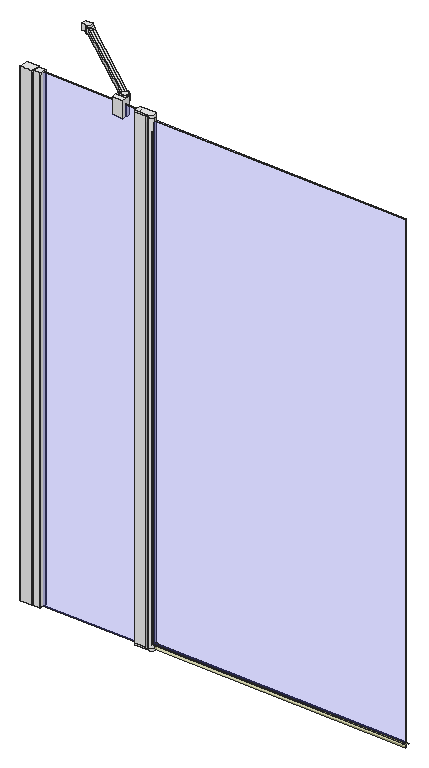
Revit family "SOEB13", category Plumbing Fixtures, Revit 2015
Parameters (values of type "1200")
  holder type = holder : B=400,D=350
  holder = holder : B=400,D=350
  door = SOL1_G : C=800
  Width fixed panel 2 = 0 mm
  Seal = Seal
  Model = "SOEB13"
  L1 = C1 + B1  # 1200 mm
  D = 350 mm
  Chrome = Chrome
  B1 = 400 mm
  C1 = 800 mm
  URL = "www.sanswiss.com"
  Type Comments = "SOLINO"
  Number of elements = 0
  Metal = Aluminum
  Manufacturer = "SanSwiss"
  H = 1500 mm
  Glass = Glass
  A1 = B1 + C1  # 1200 mm
Types (4, lengths in mm): name | holder type | holder | door | L1 | D | B1 | C1 | A1
  900 | holder : B=350,D=300 | holder : B=350,D=300 | SOL1_G : C=550 | 900 | 300 | 350 | 550 | 900
  1000 | holder : B=350,D=300 | holder : B=350,D=300 | SOL1_G : C=650 | 1000 | 300 | 350 | 650 | 1000
  1200 | holder : B=400,D=350 | holder : B=400,D=350 | SOL1_G : C=800 | 1200 | 350 | 400 | 800 | 1200
  1100 | holder : B=400,D=350 | holder : B=400,D=350 | SOL1_G : C=700 | 1100 | 350 | 400 | 700 | 1100
Reference planes
  plane 1 "Center (Front/Back)": y = 0
  plane 2: z = 0
  plane 3 "Center (Left/Right)": x = 0
  plane 4 "right": x = 800
  plane 5: z = 1500
  plane 6: x = 777.204
  plane 7: x = 759.1
  plane 8 "ucięcie": z = 11.8
  plane 9 "glass middle": x = 3
  plane 10 "left": x = -400
  plane 11: x = -95
  plane 12: y = 44.447
Forms (mm)
  Extrusion 1, void, not visible
    sketch origin (0, 0, 0) x (1, 0, 0) y (0, 0, 1)
      loop
        line (47.1, 1799.5) -> (47.1, 1777.5) -> (65.984, 1777.5) -> (65.984, 1799.5) -> (47.1, 1799.5)
    from -49.545 to 25.251
  Extrusion 2, solid, material "Aluminum" <- "Metal", not visible
    sketch origin (0, 0, 1822.5) x (0, -1, 0) y (1, 0, 0)
      loop
        line (-1, 45.1) -> (-1, 57.085)
        arc (-1, 57.085) -> (-10, 66.085) -> (-19, 57.085) r 9
        line (-19, 57.085) -> (-19, 45.1) -> (-1, 45.1)
    from -45 to -23
  Extrusion 3, solid, material "Aluminum" <- "Metal", not visible
    sketch origin (0, 0, 1822.5) x (0, -1, 0) y (1, 0, 0)
      loop
        line (-1, 47.1) -> (-10, 47.1)
        arc (-10, 47.1) -> (-14.544, 48.192) -> (-18.095, 51.229) r 10
        arc (-18.095, 51.229) -> (-18.654, 51.411) -> (-19, 50.936) r 0.5
        line (-19, 50.936) -> (-19, 45.1) -> (-1, 45.1) -> (-1, 47.1)
    from -23 to 0
  Revolve 4, solid, material "Aluminum" <- "Metal", not visible
    sketch origin (0, 0, 1800) x (0, -1, 0) y (1, 0, 0)
      loop
        line (-21, 88.1) -> (-27.814, 88.1) -> (-27.814, 75.277) -> (-23.528, 79.564) -> (-21, 79.564) -> (-21, 88.1)
      axis (-21, 88.1) -> (-27.814, 88.1)
    angle from 0 to 360
  Revolve 5, solid, material "Aluminum" <- "Metal", not visible
    sketch origin (30, 0, 1800) x (0, -1, 0) y (1, 0, 0)
      loop
        line (-21, 88.1) -> (-27.814, 88.1) -> (-27.814, 75.277) -> (-23.528, 79.564) -> (-21, 79.564) -> (-21, 88.1)
      axis (-21, 88.1) -> (-27.814, 88.1)
    angle from 0 to 360
  Extrusion 6, solid, material "Glass" <- "Glass"
    sketch origin (0, 0, 1005) x (-1, 0, 0) y (0, -1, 0)
      loop
        line (30, -27.197) -> (337.401, -27.197) -> (337.401, -21.197) -> (30, -21.197) -> (30, -27.197)
    from -1005 to 495
  Sweep 7, solid, material "Aluminum" <- "Metal"
    path origin (0, 0, 0) x (1, 0, 0) y (0, 0, 1)
      loop
        line (-400, 1500) -> (-400, 0)
    profile origin (-400, 0, 750) x (0, -1, 0) y (1, 0, 0)
      loop
        arc (-38.054, 1.758) -> (-37.539, 0.515) -> (-36.296, 0) r 1.758
        line (-36.296, 0) -> (-12.784, 0)
        arc (-12.784, 0) -> (-11.702, 0.448) -> (-11.254, 1.53) r 1.53
        line (-11.254, 1.53) -> (-11.254, 38.205)
        arc (-11.254, 38.205) -> (-11.662, 39.192) -> (-12.648, 39.6) r 1.395
        line (-12.648, 39.6) -> (-36.71, 39.6)
        arc (-36.71, 39.6) -> (-37.66, 39.207) -> (-38.054, 38.257) r 1.343
        line (-38.054, 38.257) -> (-38.054, 1.758)
  Sweep 8, solid, material "Aluminum" <- "Metal"
    path origin (0, 0, 0) x (1, 0, 0) y (0, 0, 1)
      loop
        line (-400, 0) -> (-400, 1500)
    profile origin (-400, 0, 750) x (-1, 0, 0) y (0, -1, 0)
      loop
        line (-39.6, -35.354) -> (-39.6, -13.954) -> (-60.682, -13.954)
        arc (-60.682, -13.954) -> (-62.038, -14.515) -> (-62.599, -15.871) r 1.917
        line (-62.599, -15.871) -> (-62.599, -33.331)
        arc (-62.599, -33.331) -> (-62.007, -34.761) -> (-60.576, -35.354) r 2.023
        line (-60.576, -35.354) -> (-39.6, -35.354)
  Revolve 9, solid, material "Aluminum" <- "Metal"
    sketch origin (0, 0, 100) x (-1, 0, 0) y (0, -1, 0)
      loop
        line (370.081, -38.054) -> (362.99, -38.054) -> (362.99, -41.177)
        arc (362.99, -41.177) -> (363.396, -42.389) -> (364.449, -43.112) r 2.014
        arc (364.449, -43.112) -> (367.237, -43.712) -> (370.081, -43.93) r 21.12
        line (370.081, -43.93) -> (370.081, -38.054)
      axis (370.081, -43.93) -> (370.081, -38.054)
    angle from 0 to 360
  Revolve 10, solid, material "Aluminum" <- "Metal"
    sketch origin (0, 0, 1399.541) x (-1, 0, 0) y (0, -1, 0)
      loop
        line (370.081, -38.054) -> (362.99, -38.054) -> (362.99, -41.177)
        arc (362.99, -41.177) -> (363.396, -42.389) -> (364.449, -43.112) r 2.014
        arc (364.449, -43.112) -> (367.237, -43.712) -> (370.081, -43.93) r 21.12
        line (370.081, -43.93) -> (370.081, -38.054)
      axis (370.081, -43.93) -> (370.081, -38.054)
    angle from 0 to 360
  Revolve 11, solid, material "Aluminum" <- "Metal"
    sketch origin (0, 0, 749.396) x (-1, 0, 0) y (0, -1, 0)
      loop
        line (370.081, -38.054) -> (362.99, -38.054) -> (362.99, -41.177)
        arc (362.99, -41.177) -> (363.396, -42.389) -> (364.449, -43.112) r 2.014
        arc (364.449, -43.112) -> (367.237, -43.712) -> (370.081, -43.93) r 21.12
        line (370.081, -43.93) -> (370.081, -38.054)
      axis (370.081, -43.93) -> (370.081, -38.054)
    angle from 0 to 360
Lines and regions (mm)
  symbolic lines
    curve 1: line (0, 27.197, 1500) -> (0, 21.197, 1500)
Dimensions and locks
  "C1": plane 3 "Center (Left/Right)" to plane 4 "right"
  "H": plane 5 to level
  locked: plane 4 "right" to plane 6 at 22.796
  locked: plane 4 "right" to plane 7 at 40.9
  locked: plane 3 "Center (Left/Right)" to plane 9 "glass middle" at 3
  "B1": plane 10 "left" to plane 3 "Center (Left/Right)"
  plane 11 to plane 3 "Center (Left/Right)" = 95 mm
  locked: plane 12 to plane 1 "Center (Front/Back)" at 44.447
  aligned and locked: level to plane 2
  aligned and locked: Sweep 7 sketch curve to plane 10 "left"
  aligned and locked: Sweep 8 sketch curve to Sweep 7
  aligned and locked: plane 5 to Sweep 7 sketch curve
  aligned and locked: plane 5 to Sweep 8 sketch curve
  aligned and locked: plane 5 to Extrusion 6
Automatic sketch dimensions
  Extrusion 1 sketch curve to Extrusion 1 sketch curve = 18.884 mm
  Extrusion 1 sketch curve to Extrusion 1 sketch curve = 22 mm
  Extrusion 2 sketch curve to Extrusion 2 sketch curve = 9 mm
  Extrusion 2 sketch curve to Extrusion 2 sketch curve = 11.985 mm
  Extrusion 3 sketch curve to Extrusion 3 sketch curve = 0.5 mm
  Extrusion 3 sketch curve to Extrusion 3 sketch curve = 2 mm
  Extrusion 3 sketch curve to Extrusion 3 sketch curve = 5.836 mm
  Extrusion 3 sketch curve to Extrusion 3 sketch curve = 10 mm
  Extrusion 3 sketch curve to Extrusion 3 sketch curve = 8.5 mm
  Extrusion 3 sketch curve to Extrusion 3 sketch curve = 9 mm
  Revolve 4 sketch curve to Revolve 4 sketch curve = 6.814 mm
  Revolve 4 sketch curve to Revolve 4 sketch curve = 0 mm  (x3)
  Revolve 5 sketch curve to Revolve 5 sketch curve = 6.814 mm
  Revolve 5 sketch curve to Revolve 5 sketch curve = 4.287 mm  (x2)
  Revolve 5 sketch curve to Revolve 5 sketch curve = 8.536 mm
  Revolve 5 sketch curve to Revolve 5 sketch curve = 0 mm  (x3)
  Revolve 4 sketch curve to Revolve 4 sketch curve = 4.287 mm  (x2)
  Revolve 4 sketch curve to Revolve 4 sketch curve = 8.536 mm
  curve 1 to plane 5 = 0 mm
  curve 1 to plane 12 = 17.25 mm
  curve 1 to curve 1 = 6 mm
  Sweep 7 sketch curve to level = 0 mm
  Sweep 7 sketch curve to profile plane = 0 mm
  Sweep 7 sketch curve to profile plane = 1.758 mm
  Sweep 7 sketch curve to plane 1 "Center (Front/Back)" = 38.054 mm
  Sweep 7 sketch curve to Sweep 7 sketch curve = 1.343 mm
  Sweep 7 sketch curve to plane 1 "Center (Front/Back)" = 12.784 mm
  Sweep 7 sketch curve to plane 1 "Center (Front/Back)" = 12.648 mm
  Sweep 7 sketch curve to Sweep 7 sketch curve = 1.53 mm
  Sweep 7 sketch curve to Sweep 7 sketch curve = 36.676 mm
  Sweep 8 sketch curve to level = 0 mm
  Revolve 9 sketch curve to plane 12 = 3.271 mm
  plane 10 "left" to Revolve 9 sketch curve = 37.01 mm
  Revolve 9 sketch curve to Revolve 9 sketch curve = 2.014 mm
  Revolve 9 sketch curve to plane 12 = 0.518 mm
  Revolve 9 sketch curve to Revolve 9 sketch curve = 5.077 mm
  Revolve 9 sketch curve to Revolve 9 sketch curve = 0.19 mm
  Revolve 9 sketch curve to Revolve 9 sketch curve = 5.876 mm
  Revolve 9 sketch curve to Revolve 9 sketch curve = 15.244 mm
  Revolve 9 sketch curve to Revolve 9 sketch curve = 0 mm  (x3)
  Revolve 10 sketch curve to plane 12 = 3.271 mm
  plane 10 "left" to Revolve 10 sketch curve = 37.01 mm
  Revolve 10 sketch curve to Revolve 10 sketch curve = 2.014 mm
  Revolve 10 sketch curve to plane 12 = 0.518 mm
  Revolve 10 sketch curve to Revolve 10 sketch curve = 5.077 mm
  Revolve 10 sketch curve to Revolve 10 sketch curve = 0.19 mm
  Revolve 10 sketch curve to Revolve 10 sketch curve = 5.876 mm
  Revolve 10 sketch curve to Revolve 10 sketch curve = 15.244 mm
  Revolve 10 sketch curve to Revolve 10 sketch curve = 0 mm  (x3)
  Revolve 11 sketch curve to plane 12 = 3.271 mm
  plane 10 "left" to Revolve 11 sketch curve = 37.01 mm
  Revolve 11 sketch curve to Revolve 11 sketch curve = 2.014 mm
  Revolve 11 sketch curve to plane 12 = 0.518 mm
  Revolve 11 sketch curve to Revolve 11 sketch curve = 5.077 mm
  Revolve 11 sketch curve to Revolve 11 sketch curve = 0.19 mm
  Revolve 11 sketch curve to Revolve 11 sketch curve = 5.876 mm
  Revolve 11 sketch curve to Revolve 11 sketch curve = 15.244 mm
  Revolve 11 sketch curve to Revolve 11 sketch curve = 0 mm  (x3)
  profile plane to Sweep 8 sketch curve = 62.599 mm
  Sweep 8 sketch curve to Sweep 8 sketch curve = 1.917 mm
  Sweep 8 sketch curve to Sweep 8 sketch curve = 2.023 mm
  Sweep 8 sketch curve to Sweep 8 sketch curve = 21.082 mm
  Sweep 8 sketch curve to plane 1 "Center (Front/Back)" = 35.354 mm
  Sweep 8 sketch curve to plane 1 "Center (Front/Back)" = 15.871 mm
  Extrusion 6 sketch curve to plane 3 "Center (Left/Right)" = 30 mm
  Extrusion 6 sketch curve to plane 1 "Center (Front/Back)" = 21.197 mm
  plane 10 "left" to Extrusion 6 sketch curve = 62.599 mm
  Extrusion 6 sketch curve to Extrusion 6 sketch curve = 6 mm
Nested families
  nested 1: "holder" at (0, 0, -500), type <- "holder", type "B=400,D=350"
  nested 2: "SOL1_G" at (-0.623, -0.209, 0), type <- "door", type "C=800"
Definition of nested family "holder"
  Parameters (values of type "B=350,D=300")
    handle angle1 = 90.00° - handle angle  # 50.1515°
    E = D10 * sin(handle angle)  # 198.635 mm
    D = 300 mm
    handle angle = acos(F / D10)  # 39.8485°
    Chrome = none
    Aluminum = none
    D10 = D + 10 mm  # 310 mm
    F = B - 17 mm - 95 mm  # 238 mm
    B = 350 mm
  Types (6, lengths in mm): name | handle angle1 | E | D | handle angle | D10 | F | B
    B=350,D=300 | 50.1515° | 198.635 | 300 | 39.8485° | 310 | 238 | 350
    B=600,D=550 | 60.6251° | 274.693 | 550 | 29.3749° | 560 | 488 | 600
    B=400,D=350 | 53.1301° | 216 | 350 | 36.8699° | 360 | 288 | 400
    B=250,D=200 | 41.0823° | 158.291 | 200 | 48.9177° | 210 | 138 | 250
    B=200,D=150 | 33.367° | 133.626 | 150 | 56.633° | 160 | 88 | 200
    B=350,D=350 | 41.3847° | 270.104 | 350 | 48.6153° | 360 | 238 | 350
  Reference planes
    plane 1 "Center (Front/Back)": y = 0
    plane 2: z = 0
    plane 3 "Center (Left/Right)": x = 0
    plane 4 "left": x = -350
    plane 5 "left handle": x = -333
    plane 6 "right handle": x = -95
    plane 7 "top handle": y = 243.083
    plane 8 "bottom handle": y = 44.447
    plane 9 "przekrój": through (-251.152, 148.141, 4000) normal (-0.8813, 0.4726, 0)
    plane 10: through (-429.511, 230.274, 4000) normal (0.4726, 0.8813, 0)
  Forms (mm)
    Sweep 1, solid, material <- "Chrome"
      path origin (0, 0, 0) x (1, 0, 0) y (0, 1, 0)
        loop
          line (-112, 0) -> (-78, 0)
      profile origin (-95, 0, 0) x (0, 1, 0) y (0, 0, 1)
        loop
          line (33.197, 1965.633) -> (33.197, 2015.633) -> (28.197, 2015.633) -> (13.341, 2013.563) -> (13.341, 1963.633) -> (21.197, 1963.633) -> (21.197, 2000.983) -> (28.197, 2000.983) -> (28.197, 1963.633) -> (31.197, 1963.633)
          arc (31.197, 1963.633) -> (32.612, 1964.219) -> (33.197, 1965.633) r 2
    Sweep 2, solid, material <- "Chrome"
      path origin (-95, 0, 0) x (0, -1, 0) y (0, 0, 1)
        loop
          line (0, 2015.319) -> (0, 1996.433)
      profile origin (-95, 0, 2005.876) x (-1, 0, 0) y (0, -1, 0)
        loop
          line (15.728, -33.197) -> (-15.728, -33.197) -> (-8.714, -39.083)
          arc (-8.714, -39.083) -> (-8.187, -39.769) -> (-8, -40.615) r 2
          line (-8, -40.615) -> (-8, -44.447)
          arc (-8, -44.447) -> (0, -52.447) -> (8, -44.447) r 8
          line (8, -44.447) -> (8, -40.615)
          arc (8, -40.615) -> (8.187, -39.769) -> (8.714, -39.083) r 2
          line (8.714, -39.083) -> (15.728, -33.197)
    Sweep 3, solid, material <- "Chrome"
      path origin (-95, 0, 0) x (0, -1, 0) y (0, 0, 1)
        loop
          line (-44.447, 2010.633) -> (-44.447, 1996.433)
      profile origin (-95, 44.447, 2003.533) x (-1, 0, 0) y (0, -1, 0)
        loop
          line (-5.08, -9.474) -> (6.305, -18.976) -> (19.798, -2.81) -> (5.08, 9.474)
          arc (5.08, 9.474) -> (-9.474, 5.08) -> (-5.08, -9.474) r 10.75
    Sweep 4, solid, material <- "Chrome"
      path origin (-333, 0, 0) x (0, -1, 0) y (0, 0, 1)
        loop
          line (-243.083, 2013.619) -> (-243.083, 1996.433)
      profile origin (-333, 243.083, 2005.026) x (-1, 0, 0) y (0, -1, 0)
        loop
          line (16.5, -9.5) -> (16.5, 9.5) -> (0, 9.5)
          arc (0, 9.5) -> (-9.5, 0) -> (0, -9.5) r 9.5
          line (0, -9.5) -> (16.5, -9.5)
    Sweep 5, solid, material <- "Aluminum"
      path origin (-86.339, 12.427, 0) x (1, 0, 0) y (0, 1, 0)
        loop
          line (-8.661, 32.021) -> (-246.661, 230.656)
      profile origin (-214, 143.765, 0) x (-0.640759, -0.767742, 0) y (0, 0, 1)
        loop
          line (8.5, 1998.433) -> (8.5, 2008.133) -> (5, 2008.133) -> (5, 2006.433) -> (-5, 2006.433) -> (-5, 2008.133) -> (-8.5, 2008.133) -> (-8.5, 1998.433) -> (8.5, 1998.433)
    Sweep 6, solid, material <- "Chrome"
      path origin (-333, 0, 0) x (0, -1, 0) y (0, 0, 1)
        loop
          line (-243.083, 2010.633) -> (-243.083, 1996.433)
      profile origin (-333, 243.083, 2003.533) x (-1, 0, 0) y (0, -1, 0)
        loop
          line (6.121, 8.654) -> (-6.663, 19.323) -> (-20.221, 3.079) -> (-6.496, -8.376)
          arc (-6.496, -8.376) -> (8.517, -6.31) -> (6.121, 8.654) r 10.6
  Dimensions and locks
    locked: plane 1 "Center (Front/Back)" to plane 8 "bottom handle" at 44.447
    "F": plane 5 "left handle" to plane 6 "right handle"
    plane 6 "right handle" to plane 3 "Center (Left/Right)" = 95 mm
    "E": plane 7 "top handle" to plane 8 "bottom handle"
    plane 4 "left" to plane 5 "left handle" = 17 mm
    "B": plane 4 "left" to plane 3 "Center (Left/Right)"
    Sweep 3 sketch curve to profile plane = 17 mm
    locked: Sweep 6 sketch curve to Sweep 6 sketch curve at 16.652
    radius of Sweep 3 sketch curve = 10.75 mm
    radius of Sweep 6 sketch curve = 10.6 mm
    locked: Sweep 3 sketch curve to Sweep 3 sketch curve (angle 90.00°)  (x2)
    "handle angle": angle Sweep 3 sketch curve to plane 8 "bottom handle"
    locked: Sweep 6 sketch curve to Sweep 6 sketch curve (angle 90.00°)  (x2)
    "handle angle": angle Sweep 6 sketch curve to plane 7 "top handle"
    aligned and locked: level to plane 2
    aligned and locked: plane 7 "top handle" to Sweep 5 sketch curve
    aligned and locked: plane 5 "left handle" to Sweep 5 sketch curve
    aligned and locked: plane 8 "bottom handle" to Sweep 5 sketch curve
    aligned and locked: plane 6 "right handle" to Sweep 5 sketch curve
    aligned and locked: plane 7 "top handle" to Sweep 4 sketch curve
    aligned and locked: plane 5 "left handle" to Sweep 4 sketch curve
    aligned and locked: Sweep 3 sketch curve to plane 8 "bottom handle"
    aligned and locked: plane 6 "right handle" to Sweep 3 sketch curve
    aligned and locked: plane 7 "top handle" to Sweep 6 sketch curve  (x2)
    aligned and locked: plane 5 "left handle" to Sweep 6 sketch curve  (x2)
  Automatic sketch dimensions
    level to Sweep 3 sketch curve = 1996.433 mm
    Sweep 3 sketch curve to Sweep 3 sketch curve = 14.2 mm
    plane 1 "Center (Front/Back)" to Sweep 1 sketch curve = 0 mm
    plane 6 "right handle" to Sweep 1 sketch curve = 17 mm
    Sweep 1 sketch curve to plane 6 "right handle" = 17 mm
    Sweep 2 sketch curve to plane 1 "Center (Front/Back)" = 0 mm
    level to Sweep 2 sketch curve = 1996.433 mm
    Sweep 2 sketch curve to Sweep 2 sketch curve = 18.885 mm
    Sweep 2 sketch curve to plane 6 "right handle" = 0 mm
    Sweep 2 sketch curve to plane 6 "right handle" = 8 mm
    Sweep 2 sketch curve to Sweep 2 sketch curve = 0.714 mm  (x2)
    Sweep 2 sketch curve to Sweep 2 sketch curve = 2 mm  (x2)
    Sweep 2 sketch curve to Sweep 2 sketch curve = 7.014 mm  (x2)
    profile plane to Sweep 2 sketch curve = 44.447 mm
    Sweep 2 sketch curve to Sweep 2 sketch curve = 3.833 mm  (x2)
    Sweep 2 sketch curve to Sweep 2 sketch curve = 5.885 mm
    Sweep 4 sketch curve to plane 5 "left handle" = 0 mm
    Sweep 4 sketch curve to profile plane = 0 mm
    plane 5 "left handle" to Sweep 4 sketch curve = 16.5 mm
    Sweep 4 sketch curve to Sweep 4 sketch curve = 9.5 mm
    profile plane to Sweep 5 sketch curve = 8.5 mm
    Sweep 5 sketch curve to Sweep 5 sketch curve = 3.5 mm  (x2)
    Sweep 5 sketch curve to profile plane = 5 mm
    level to Sweep 5 sketch curve = 1998.433 mm
    Sweep 5 sketch curve to Sweep 5 sketch curve = 8 mm
    Sweep 5 sketch curve to Sweep 5 sketch curve = 1.7 mm  (x2)
    level to Sweep 6 sketch curve = 1996.433 mm
    Sweep 6 sketch curve to Sweep 6 sketch curve = 14.2 mm
    Sweep 1 sketch curve to profile plane = 13.341 mm
    Sweep 1 sketch curve to Sweep 1 sketch curve = 7.857 mm
    Sweep 1 sketch curve to Sweep 1 sketch curve = 14.857 mm
    Sweep 1 sketch curve to Sweep 1 sketch curve = 7 mm
    Sweep 1 sketch curve to Sweep 1 sketch curve = 3 mm
    Sweep 1 sketch curve to Sweep 1 sketch curve = 5 mm
    level to Sweep 1 sketch curve = 1963.633 mm
    Sweep 1 sketch curve to Sweep 1 sketch curve = 0 mm
    Sweep 1 sketch curve to Sweep 1 sketch curve = 35.35 mm
    Sweep 1 sketch curve to Sweep 1 sketch curve = 14.65 mm
    Sweep 1 sketch curve to Sweep 1 sketch curve = 12.58 mm
    Sweep 3 sketch curve to plane 6 "right handle" = 0 mm
    Sweep 3 sketch curve to profile plane = 0 mm
    Sweep 3 sketch curve to plane 6 "right handle" = 5.08 mm
    plane 6 "right handle" to Sweep 3 sketch curve = 5.08 mm
    Sweep 6 sketch curve to plane 5 "left handle" = 6.496 mm
    Sweep 6 sketch curve to plane 5 "left handle" = 6.663 mm
Definition of nested family "SOL1_G"
  Parameters (values of type "C=800")
    Width fixed panel 2 = 0 mm
    Width fixed panel = 0 mm
    Seal = none
    Model = "SOL1 G"
    Chrome = none
    C1 = 800 mm
    URL = "www.sanswiss.com"
    Type Comments = "SOLINO"
    Number of elements = 0
    Manufacturer = "SanSwiss"
    H = 1500 mm
    Glass = none
    Aluminum = none
  Types (5, lengths in mm): name | C1
    C=550 | 550
    C=800 | 800
    C=650 | 650
    C=700 | 700
    C=750 | 750
  Reference planes
    plane 1 "Center (Front/Back)": y = 0
    plane 2: z = 0
    plane 3 "Center (Left/Right)": x = 0
    plane 4: x = 800
    plane 5: z = 1500
    plane 6 "góra": z = 1822.5
    plane 7 "klamka": z = 1000.61
    plane 8: x = 778.938
    plane 9: x = 759.789
    plane 10 "ucięcie": z = 11.8
    plane 11: z = 1484
    plane 12: z = 4.446
    plane 13: z = 1495.447
    plane 14: z = 16.178
  Forms (mm)
    Extrusion 1, void, not visible
      sketch origin (0, 0, 0) x (1, 0, 0) y (0, 0, 1)
        loop
          line (47.1, 1799.5) -> (47.1, 1777.5) -> (65.984, 1777.5) -> (65.984, 1799.5) -> (47.1, 1799.5)
      from -49.545 to 25.251
    Extrusion 2, solid, material <- "Aluminum", not visible
      sketch origin (0, 0, 1822.5) x (0, -1, 0) y (1, 0, 0)
        loop
          line (-1, 45.1) -> (-1, 57.085)
          arc (-1, 57.085) -> (-10, 66.085) -> (-19, 57.085) r 9
          line (-19, 57.085) -> (-19, 45.1) -> (-1, 45.1)
      from -45 to -23
    Extrusion 3, solid, material <- "Aluminum", not visible
      sketch origin (0, 0, 1822.5) x (0, -1, 0) y (1, 0, 0)
        loop
          line (-1, 47.1) -> (-10, 47.1)
          arc (-10, 47.1) -> (-14.544, 48.192) -> (-18.095, 51.229) r 10
          arc (-18.095, 51.229) -> (-18.654, 51.411) -> (-19, 50.936) r 0.5
          line (-19, 50.936) -> (-19, 45.1) -> (-1, 45.1) -> (-1, 47.1)
      from -23 to 0
    Revolve 4, solid, material <- "Aluminum", not visible
      sketch origin (0, 0, 1800) x (0, -1, 0) y (1, 0, 0)
        loop
          line (-21, 88.1) -> (-27.814, 88.1) -> (-27.814, 75.277) -> (-23.528, 79.564) -> (-21, 79.564) -> (-21, 88.1)
        axis (-21, 88.1) -> (-27.814, 88.1)
      angle from 0 to 360
    Revolve 5, solid, material <- "Aluminum", not visible
      sketch origin (30, 0, 1800) x (0, -1, 0) y (1, 0, 0)
        loop
          line (-21, 88.1) -> (-27.814, 88.1) -> (-27.814, 75.277) -> (-23.528, 79.564) -> (-21, 79.564) -> (-21, 88.1)
        axis (-21, 88.1) -> (-27.814, 88.1)
      angle from 0 to 360
    Extrusion 6, solid, material <- "Glass"
      sketch origin (0, 0, 1800) x (0, -1, 0) y (1, 0, 0)
        loop
          line (-27.5, 800) -> (-27.5, 12.306) -> (-21.5, 12.306) -> (-21.5, 800) -> (-27.5, 800)
      from -1787 to -316
    Extrusion 7, solid, material <- "Seal"
      sketch origin (0, 0, 0) x (0, 1, 0) y (0, 0, 1)
        loop
          arc (27.284, 11) -> (31.51, 7.933) -> (36.432, 6.192) r 18.213
          arc (36.432, 6.192) -> (37.038, 6.597) -> (36.633, 7.203) r 0.515
          arc (36.633, 7.203) -> (32.42, 9.219) -> (29.012, 12.412) r 15.31
          line (29.012, 12.412) -> (28.432, 16.541)
          arc (28.432, 16.541) -> (27.808, 17.2) -> (26.901, 17.159) r 1.091
          line (26.901, 17.159) -> (27.045, 15.519) -> (27.499, 14.845) -> (27.871, 12.202) -> (21.183, 12.202) -> (21.545, 14.779) -> (21.933, 15.541) -> (22.156, 17.126)
          arc (22.156, 17.126) -> (21.08, 17.091) -> (20.509, 16.178) r 1.144
          line (20.509, 16.178) -> (19.994, 12.512)
          arc (19.994, 12.512) -> (20.436, 11.443) -> (21.505, 11) r 1.512
          line (21.505, 11) -> (23.458, 11) -> (24.035, 0) -> (25.05, 0) -> (25.434, 11) -> (27.284, 11)
      from 12.306 to 800
    Sweep 8, solid, material <- "Aluminum"
      path origin (0, 0, 0) x (1, 0, 0) y (0, 0, 1)
        loop
          line (0, 4.446) -> (0, 1495.447)
      profile origin (0, 0, 749.947) x (-1, 0, 0) y (0, -1, 0)
        loop
          arc (40.055, -35.029) -> (41.37, -34.485) -> (41.914, -33.17) r 1.859
          line (41.914, -33.17) -> (41.914, -15.595)
          arc (41.914, -15.595) -> (41.342, -14.214) -> (39.96, -13.641) r 1.954
          line (39.96, -13.641) -> (6.499, -13.641)
          arc (6.499, -13.641) -> (4.78, -14.801) -> (4.996, -16.864) r 2.014
          line (4.996, -16.864) -> (3.992, -16.864) -> (2.808, -16.312) -> (0.305, -16.531) -> (1.302, -16.996)
          arc (1.302, -16.996) -> (4.396, -18.218) -> (6.688, -20.628) r 7.716
          line (6.688, -20.628) -> (6.688, -27.963)
          arc (6.688, -27.963) -> (4.396, -30.374) -> (1.302, -31.596) r 7.716
          line (1.302, -31.596) -> (0.305, -32.061) -> (2.808, -32.28) -> (4.209, -31.627) -> (5.119, -31.627)
          arc (5.119, -31.627) -> (4.592, -33.774) -> (6.411, -35.029) r 1.947
          line (6.411, -35.029) -> (40.055, -35.029)
    Sweep 9, solid, material <- "Chrome"
      path origin (0, 0, 0) x (1, 0, 0) y (0, 0, 1)
        loop
          line (0, 1500) -> (0, 1495.447)
      profile origin (0, 0, 1497.723) x (0, -1, 0) y (1, 0, 0)
        loop
          line (-13.629, -40.06) -> (-13.629, 3.235)
          arc (-13.629, 3.235) -> (-24.329, 13.935) -> (-35.029, 3.235) r 10.7
          line (-35.029, 3.235) -> (-35.029, -39.887)
          arc (-35.029, -39.887) -> (-34.435, -41.32) -> (-33.002, -41.914) r 2.027
          line (-33.002, -41.914) -> (-15.483, -41.914)
          arc (-15.483, -41.914) -> (-14.172, -41.371) -> (-13.629, -40.06) r 1.854
    Sweep 10, solid, material <- "Aluminum"
      path origin (0, 0, 0) x (1, 0, 0) y (0, 0, 1)
        loop
          line (0, 4.446) -> (0, 1495.447)
      profile origin (0, 0, 749.947) x (-1, 0, 0) y (0, -1, 0)
        loop
          circle (-3.34, -24.929) r 9.238
    Sweep 11, solid, material <- "Chrome"
      path origin (0, 0, -1995.554) x (1, 0, 0) y (0, 0, 1)
        loop
          line (0, 2000) -> (0, 1995.447)
      profile origin (0, 0, 2.17) x (0, -1, 0) y (1, 0, 0)
        loop
          line (-13.629, -40.06) -> (-13.629, 3.235)
          arc (-13.629, 3.235) -> (-24.329, 13.935) -> (-35.029, 3.235) r 10.7
          line (-35.029, 3.235) -> (-35.029, -39.887)
          arc (-35.029, -39.887) -> (-34.435, -41.32) -> (-33.002, -41.914) r 2.027
          line (-33.002, -41.914) -> (-15.483, -41.914)
          arc (-15.483, -41.914) -> (-14.172, -41.371) -> (-13.629, -40.06) r 1.854
  Dimensions and locks
    "C1": plane 3 "Center (Left/Right)" to plane 4
    "H": plane 5 to level
    plane 3 "Center (Left/Right)" to Extrusion 6 sketch curve = 12.306 mm
    plane 4 to plane 8 = 21.062 mm
    locked: plane 4 to plane 9 at 40.211
    locked: plane 5 to plane 11 at 16
    locked: plane 5 to plane 13 at 4.553
    aligned and locked: level to plane 2
    aligned and locked: plane 4 to Extrusion 7
    aligned and locked: plane 4 to Extrusion 6
    aligned and locked: Sweep 9 to plane 5
    aligned and locked: Extrusion 6 to plane 11
    aligned and locked: plane 13 to Sweep 10 sketch curve
    aligned and locked: plane 13 to Sweep 8 sketch curve
  Automatic sketch dimensions
    Extrusion 1 sketch curve to Extrusion 1 sketch curve = 18.884 mm
    Extrusion 1 sketch curve to Extrusion 1 sketch curve = 22 mm
    Extrusion 2 sketch curve to Extrusion 2 sketch curve = 9 mm
    Extrusion 2 sketch curve to Extrusion 2 sketch curve = 11.985 mm
    Extrusion 3 sketch curve to Extrusion 3 sketch curve = 0.5 mm
    Extrusion 3 sketch curve to Extrusion 3 sketch curve = 2 mm
    Extrusion 3 sketch curve to Extrusion 3 sketch curve = 5.836 mm
    Extrusion 3 sketch curve to Extrusion 3 sketch curve = 10 mm
    Extrusion 3 sketch curve to Extrusion 3 sketch curve = 8.5 mm
    Extrusion 3 sketch curve to Extrusion 3 sketch curve = 9 mm
    Revolve 4 sketch curve to Revolve 4 sketch curve = 6.814 mm
    Revolve 4 sketch curve to Revolve 4 sketch curve = 0 mm  (x3)
    Revolve 5 sketch curve to Revolve 5 sketch curve = 6.814 mm
    Revolve 5 sketch curve to Revolve 5 sketch curve = 4.287 mm  (x2)
    Revolve 5 sketch curve to Revolve 5 sketch curve = 8.536 mm
    Revolve 5 sketch curve to Revolve 5 sketch curve = 0 mm  (x3)
    Revolve 4 sketch curve to Revolve 4 sketch curve = 4.287 mm  (x2)
    Revolve 4 sketch curve to Revolve 4 sketch curve = 8.536 mm
    Extrusion 6 sketch curve to plane 1 "Center (Front/Back)" = 27.5 mm
    Extrusion 6 sketch curve to Extrusion 6 sketch curve = 6 mm
    Sweep 8 sketch curve to plane 3 "Center (Left/Right)" = 0 mm
    Sweep 8 sketch curve to plane 12 = 0 mm
    Sweep 8 sketch curve to profile plane = 0.081 mm  (x2)
    Sweep 8 sketch curve to profile plane = 0.305 mm  (x2)
    Sweep 8 sketch curve to Sweep 8 sketch curve = 0.997 mm  (x2)
    Sweep 8 sketch curve to Sweep 8 sketch curve = 1.506 mm  (x2)
    Sweep 8 sketch curve to Sweep 8 sketch curve = 1.184 mm
    Sweep 8 sketch curve to Sweep 8 sketch curve = 1.401 mm
    Sweep 8 sketch curve to Sweep 8 sketch curve = 1.004 mm
    Sweep 8 sketch curve to Sweep 8 sketch curve = 0.91 mm
    Sweep 8 sketch curve to Sweep 8 sketch curve = 1.292 mm
    Sweep 8 sketch curve to Sweep 8 sketch curve = 1.503 mm
    Sweep 8 sketch curve to Sweep 8 sketch curve = 1.609 mm
    Sweep 8 sketch curve to Sweep 8 sketch curve = 1.692 mm
    Sweep 8 sketch curve to plane 1 "Center (Front/Back)" = 13.641 mm
    Sweep 8 sketch curve to Sweep 8 sketch curve = 33.355 mm
    Sweep 8 sketch curve to Sweep 8 sketch curve = 0.095 mm
    Sweep 8 sketch curve to Sweep 8 sketch curve = 1.859 mm
    Sweep 8 sketch curve to Sweep 8 sketch curve = 2.011 mm
    Sweep 8 sketch curve to Sweep 8 sketch curve = 0.552 mm
    Sweep 8 sketch curve to Sweep 8 sketch curve = 0.219 mm
    Sweep 8 sketch curve to Sweep 8 sketch curve = 0.465 mm  (x2)
    Sweep 8 sketch curve to Sweep 8 sketch curve = 3.765 mm
    Sweep 8 sketch curve to Sweep 8 sketch curve = 0.637 mm
    Sweep 8 sketch curve to Sweep 8 sketch curve = 7.335 mm
    Sweep 8 sketch curve to Sweep 8 sketch curve = 0.031 mm
    Sweep 8 sketch curve to Sweep 8 sketch curve = 0.653 mm
    Sweep 8 sketch curve to Sweep 8 sketch curve = 1.456 mm
    Sweep 9 sketch curve to plane 3 "Center (Left/Right)" = 0 mm
    Sweep 9 sketch curve to plane 13 = 0 mm
    Sweep 9 sketch curve to plane 5 = 0 mm
    Sweep 9 sketch curve to profile plane = 3.235 mm
    Sweep 9 sketch curve to plane 1 "Center (Front/Back)" = 35.029 mm
    Sweep 9 sketch curve to Sweep 9 sketch curve = 2.027 mm
    Sweep 9 sketch curve to Sweep 9 sketch curve = 10.7 mm
    Sweep 9 sketch curve to Sweep 9 sketch curve = 1.854 mm
    profile plane to Sweep 9 sketch curve = 39.887 mm
    Sweep 10 sketch curve to plane 3 "Center (Left/Right)" = 0 mm
    Sweep 10 sketch curve to plane 12 = 0 mm
    profile plane to Sweep 10 sketch curve = 3.34 mm
    Sweep 10 sketch curve to plane 1 "Center (Front/Back)" = 24.929 mm
    Sweep 11 sketch curve to plane 3 "Center (Left/Right)" = 0 mm
    Sweep 11 sketch curve to plane 12 = 0 mm
    Sweep 11 sketch curve to level = 0.107 mm
    Sweep 11 sketch curve to profile plane = 3.235 mm
    Sweep 11 sketch curve to plane 1 "Center (Front/Back)" = 35.029 mm
    Sweep 11 sketch curve to Sweep 11 sketch curve = 2.027 mm
    Sweep 11 sketch curve to Sweep 11 sketch curve = 10.7 mm
    Sweep 11 sketch curve to Sweep 11 sketch curve = 1.854 mm
    profile plane to Sweep 11 sketch curve = 39.887 mm
    plane 9 to Extrusion 6 sketch curve = 40.211 mm
    Extrusion 7 sketch curve to plane 14 = 0 mm
    Extrusion 7 sketch curve to level = 0 mm
    plane 10 "ucięcie" to Extrusion 7 sketch curve = 0.712 mm
    Extrusion 7 sketch curve to plane 1 "Center (Front/Back)" = 19.994 mm
    Extrusion 7 sketch curve to Extrusion 7 sketch curve = 0.515 mm
    plane 10 "ucięcie" to Extrusion 7 sketch curve = 0.402 mm
    Extrusion 7 sketch curve to Extrusion 7 sketch curve = 1.189 mm
    Extrusion 7 sketch curve to Extrusion 7 sketch curve = 0.323 mm
    Extrusion 7 sketch curve to plane 14 = 1.399 mm
    Extrusion 7 sketch curve to Extrusion 7 sketch curve = 1.036 mm
    Extrusion 7 sketch curve to plane 14 = 0.079 mm
    Extrusion 7 sketch curve to Extrusion 7 sketch curve = 1.142 mm
    Extrusion 7 sketch curve to plane 14 = 0.637 mm
    Extrusion 7 sketch curve to Extrusion 7 sketch curve = 0.283 mm
    plane 14 to Extrusion 7 sketch curve = 0.948 mm
    Extrusion 7 sketch curve to Extrusion 7 sketch curve = 1.953 mm
    Extrusion 7 sketch curve to Extrusion 7 sketch curve = 0.576 mm
    Extrusion 7 sketch curve to Extrusion 7 sketch curve = 1.015 mm
    Extrusion 7 sketch curve to plane 10 "ucięcie" = 0.8 mm
    Extrusion 7 sketch curve to Extrusion 7 sketch curve = 1.976 mm
    plane 14 to Extrusion 7 sketch curve = 0.981 mm
    Extrusion 7 sketch curve to Extrusion 7 sketch curve = 4.745 mm
    Extrusion 7 sketch curve to plane 14 = 0.659 mm
    Extrusion 7 sketch curve to Extrusion 7 sketch curve = 0.143 mm
    Extrusion 7 sketch curve to Extrusion 7 sketch curve = 1.85 mm
    plane 14 to Extrusion 7 sketch curve = 0.011 mm
    Extrusion 7 sketch curve to Extrusion 7 sketch curve = 0.354 mm
    Extrusion 7 sketch curve to plane 14 = 1.333 mm
    Extrusion 7 sketch curve to Extrusion 7 sketch curve = 0.455 mm
    Extrusion 7 sketch curve to Extrusion 7 sketch curve = 0.587 mm
    plane 14 to Extrusion 7 sketch curve = 0.363 mm
    plane 10 "ucięcie" to Extrusion 7 sketch curve = 0.612 mm
    Extrusion 7 sketch curve to Extrusion 7 sketch curve = 1.141 mm
    Extrusion 7 sketch curve to plane 12 = 2.251 mm
    Extrusion 7 sketch curve to Extrusion 7 sketch curve = 7.52 mm
    Extrusion 7 sketch curve to Extrusion 7 sketch curve = 11.552 mm
    Extrusion 7 sketch curve to Extrusion 7 sketch curve = 1.076 mm
    plane 14 to Extrusion 7 sketch curve = 5.681 mm
    Extrusion 7 sketch curve to Extrusion 7 sketch curve = 2.196 mm
    Extrusion 7 sketch curve to Extrusion 7 sketch curve = 0 mm
    radius of Sweep 10 sketch curve = 9.238 mm
